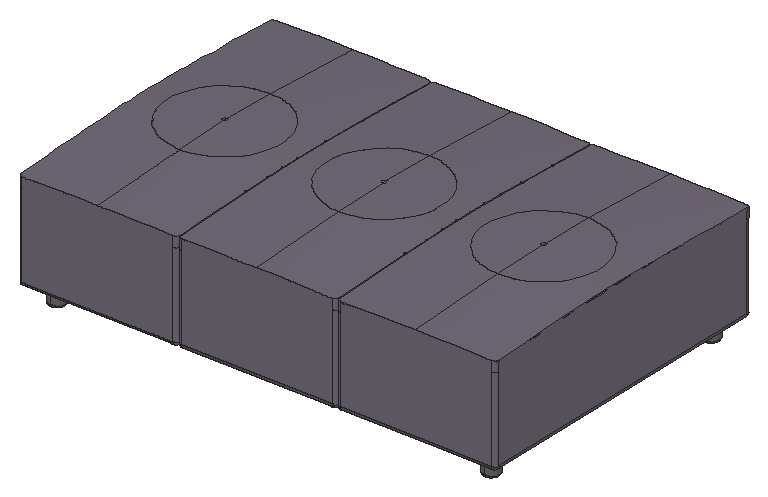
Revit family
Parameters
  Width = 5' - 6"  # constant formula
  URL = "www.coalesse.com"
  Type Comments = "461-3B"
  Model = "Await"
  Manufacturer = "COALESSE"
  Height = 1' - 4 1/2"  # constant formula
  Upholstery = Furniture_Coalesse_Await - Upholstery
  Description = "Await, Three Section Connector Bench"
  Depth = 3' - 8"  # constant formula
  Cost = 2405
  Leg = Furniture_Coalesse_Await - Leg
Reference planes (in)
  plane 1: z = 0
  plane 2 "C (LR)": x = -31.06092
  plane 3 "C (FB)": y = 6.48523
  plane 4: x = -53.06092
  plane 5: x = 12.93908
  plane 6: z = 16.5
  plane 7: y = 28.48523
  plane 8: y = -15.51477
  plane 9: z = 2.5
  plane 10 "LL": x = -50.06092
  plane 11 "RL": x = 9.93908
  plane 12: y = 25.48523
  plane 13: y = -12.51477
  plane 14: x = -9.06092
Dimensions and locks (in)
  equal spacing: plane 8, plane 3 "C (FB)", plane 7
  "Depth": plane 8 to plane 7
  "Width": plane 4 to plane 5
  "Height": plane 6 to level
  locked: plane 4 to plane 10 "LL" at 3
  locked: plane 11 "RL" to plane 5 at 3
  locked: plane 8 to plane 13 at 3
  locked: plane 7 to plane 12 at 3
  locked: plane 9 to level at 2.5
  equal spacing: plane 4, plane 2 "C (LR)", plane 14, plane 5
  aligned and locked: plane 2 "C (LR)" to nested 1
  aligned and locked: plane 8 to nested 1
  aligned and locked: plane 7 to nested 1
  aligned and locked: plane 14 to nested 2
  aligned and locked: plane 7 to nested 2
  aligned and locked: nested 2 to plane 2 "C (LR)"
  aligned and locked: plane 8 to nested 2
  aligned and locked: nested 3 to plane 14
  aligned and locked: plane 8 to nested 3
  aligned and locked: plane 5 to nested 3
  aligned and locked: plane 7 to nested 3
  aligned and locked: plane 4 to nested 1
Nested families (in)
  nested 1: "Coalesse_Await_SeatModule" at (-25.66667, 0, 0), type "Coalesse_Await_SeatModule"
    with Width 1' - 10", RIGHT TWO FEET no, LEFT TWO FEET yes, Height 1' - 4 1/2", Depth 3' - 8"
  nested 2: "Coalesse_Await_SeatModule" at (-3.66667, 0, 0), type "Coalesse_Await_SeatModule"
    with Width 1' - 10", RIGHT TWO FEET no, LEFT TWO FEET no, Height 1' - 4 1/2", Depth 3' - 8"
  nested 3: "Coalesse_Await_SeatModule" at (18.33333, 0, 0), type "Coalesse_Await_SeatModule"
    with Width 1' - 10", RIGHT TWO FEET yes, LEFT TWO FEET no, Height 1' - 4 1/2", Depth 3' - 8"
Definition of nested family "Coalesse_Await_SeatModule"
  Parameters
    Width [instance] = 1' - 10"
    URL = "www.coalesse.com"
    Type Comments = "460-H"
    LEFT TWO FEET [instance] = yes
    RIGHT TWO FEET [instance] = yes
    Model = "Await"
    Manufacturer = "COALESSE"
    Height [instance] = 1' - 4 1/2"
    Upholstery = Furniture_Coalesse_Await - Upholstery
    Description = "Await, Ottoman/Mobile"
    Depth [instance] = 1' - 10"
    Cost = 631
    Leg = Furniture_Coalesse_Await - Leg
  Reference planes (in)
    plane 1: z = 0
    plane 2 "C (LR)": x = -16.39426
    plane 3 "C (FB)": y = 6.48523
    plane 4: x = -27.39426
    plane 5: x = -5.39426
    plane 6: z = 16.5
    plane 7: y = 17.48523
    plane 8: y = -4.51477
    plane 9: z = 2.5
    plane 10 "LL": x = -24.39426
    plane 11 "RL": x = -8.39426
    plane 12: y = 14.48523
    plane 13: y = -1.51477
  Forms (in)
    Revolve 1, solid, material "Furniture_Coalesse_Await - Leg" <- "Leg", visible <- "LEFT TWO FEET"
      sketch origin (-24.39426, 0, 0) x (0, -1, 0) y (0, 0, 1)
        loop
          line (-14.48523, 0) -> (-14.48523, 2.5) -> (-15.61023, 2.5) -> (-15.61023, 0.25)
          arc (-15.61023, 0.25) -> (-15.53701, 0.07322) -> (-15.36023, 0) r 0.25
          line (-15.36023, 0) -> (-14.48523, 0)
        axis (-14.48523, 0) -> (-14.48523, 2.5)
      angle from 0 to 360
    Revolve 2, solid, material "Furniture_Coalesse_Await - Leg" <- "Leg", visible <- "LEFT TWO FEET"
      sketch origin (-24.39426, -24, 0) x (0, -1, 0) y (0, 0, 1)
        loop
          line (-22.48523, 0) -> (-22.48523, 2.5) -> (-23.61023, 2.5) -> (-23.61023, 0.25)
          arc (-23.61023, 0.25) -> (-23.53701, 0.07322) -> (-23.36023, 0) r 0.25
          line (-23.36023, 0) -> (-22.48523, 0)
        axis (-22.48523, 0) -> (-22.48523, 2.5)
      angle from 0 to 360
    Revolve 3, solid, material "Furniture_Coalesse_Await - Leg" <- "Leg", visible <- "RIGHT TWO FEET"
      sketch origin (-8.39426, 17.17438, 48) x (0, -1, 0) y (0, 0, 1)
        loop
          line (18.68915, -48) -> (18.68915, -45.5) -> (17.56415, -45.5) -> (17.56415, -47.75)
          arc (17.56415, -47.75) -> (17.63737, -47.92678) -> (17.81415, -48) r 0.25
          line (17.81415, -48) -> (18.68915, -48)
        axis (18.68915, -48) -> (18.68915, -45.5)
      angle from 0 to 360
    Revolve 4, solid, material "Furniture_Coalesse_Await - Leg" <- "Leg", visible <- "RIGHT TWO FEET"
      sketch origin (-8.39426, 17.17438, 48) x (0, -1, 0) y (0, 0, 1)
        loop
          line (2.68915, -48) -> (2.68915, -45.5) -> (1.56415, -45.5) -> (1.56415, -47.75)
          arc (1.56415, -47.75) -> (1.63737, -47.92678) -> (1.81415, -48) r 0.25
          line (1.81415, -48) -> (2.68915, -48)
        axis (2.68915, -48) -> (2.68915, -45.5)
      angle from 0 to 360
    Extrusion 5, solid, material "Furniture_Coalesse_Await - Upholstery" <- "Upholstery"
      sketch origin (-54.01926, -180, 16.5) x (-1, 0, 0) y (0, -1, 0)
        loop
          arc (-27.1875, -197.48523) -> (-26.78975, -197.32048) -> (-26.625, -196.92273) r 0.5625
          line (-26.625, -196.92273) -> (-26.625, -176.04773)
          arc (-26.625, -176.04773) -> (-26.78975, -175.64998) -> (-27.1875, -175.48523) r 0.5625
          line (-27.1875, -175.48523) -> (-48.0625, -175.48523)
          arc (-48.0625, -175.48523) -> (-48.46025, -175.64998) -> (-48.625, -176.04773) r 0.5625
          line (-48.625, -176.04773) -> (-48.625, -196.92273)
          arc (-48.625, -196.92273) -> (-48.46025, -197.32048) -> (-48.0625, -197.48523) r 0.5625
          line (-48.0625, -197.48523) -> (-27.1875, -197.48523)
      from -14 to -1.00773
    Sweep 6, void
      path origin (-54.01926, -180, 2.5) x (-1, 0, 0) y (0, -1, 0)
        loop
          arc (-27.1875, -197.48523) -> (-26.78975, -197.32048) -> (-26.625, -196.92273) r 0.5625
          line (-26.625, -196.92273) -> (-26.625, -176.04773)
          arc (-26.625, -176.04773) -> (-26.78975, -175.64998) -> (-27.1875, -175.48523) r 0.5625
          line (-27.1875, -175.48523) -> (-48.0625, -175.48523)
          arc (-48.0625, -175.48523) -> (-48.46025, -175.64998) -> (-48.625, -176.04773) r 0.5625
          line (-48.625, -176.04773) -> (-48.625, -196.92273)
          arc (-48.625, -196.92273) -> (-48.46025, -197.32048) -> (-48.0625, -197.48523) r 0.5625
          line (-48.0625, -197.48523) -> (-27.1875, -197.48523)
      profile origin (-16.39426, 17.48523, 2.5) x (0, 1, 0) y (0, 0, 1)
        loop
          arc (-0.5, 0) -> (0.35355, -0.35355) -> (0, 0.5) r 0.5
          arc (0, 0.5) -> (-0.14645, 0.14645) -> (-0.5, 0) r 0.5
    Revolve 7, solid, material "Furniture_Coalesse_Await - Upholstery" <- "Upholstery"
      sketch origin (-16.39426, -11.77926, 47.5) x (0, -1, 0) y (0, 0, 1)
        loop
          line (-44.26449, -31.50773) -> (-44.26449, -32.75773) -> (-18.26449, -32.75773) -> (-18.26449, -30.3605) -> (-18.60323, -30.3605)
          arc (-18.60323, -30.3605) -> (-22.37271, -30.40985) -> (-26.13961, -30.55785) r 144
          line (-26.13961, -30.55785) -> (-44.26449, -31.50773)
        axis (-18.26449, -32.75773) -> (-18.26449, -30.3605)
      angle from 0 to 360
    Extrusion 8, void
      sketch origin (-54.01926, -180, 2.5) x (0, -1, 0) y (-1, 0, 0)
        loop
          line (-197.48523, -27.1875) -> (-197.48523, -48.0625)
          arc (-197.48523, -48.0625) -> (-197.32048, -48.46025) -> (-196.92273, -48.625) r 0.5625
          line (-196.92273, -48.625) -> (-176.04773, -48.625)
          arc (-176.04773, -48.625) -> (-175.64998, -48.46025) -> (-175.48523, -48.0625) r 0.5625
          line (-175.48523, -48.0625) -> (-175.48523, -27.1875)
          arc (-175.48523, -27.1875) -> (-175.64998, -26.78975) -> (-176.04773, -26.625) r 0.5625
          line (-176.04773, -26.625) -> (-196.92273, -26.625)
          arc (-196.92273, -26.625) -> (-197.32048, -26.78975) -> (-197.48523, -27.1875) r 0.5625
        loop
          arc (-233.48523, -48.0625) -> (-222.77632, -73.91609) -> (-196.92273, -84.625) r 36.5625
          line (-196.92273, -84.625) -> (-176.04773, -84.625)
          arc (-176.04773, -84.625) -> (-150.19414, -73.91609) -> (-139.48523, -48.0625) r 36.5625
          line (-139.48523, -48.0625) -> (-139.48523, -27.1875)
          arc (-139.48523, -27.1875) -> (-150.19414, -1.33391) -> (-176.04773, 9.375) r 36.5625
          line (-176.04773, 9.375) -> (-196.92273, 9.375)
          arc (-196.92273, 9.375) -> (-222.77632, -1.33391) -> (-233.48523, -27.1875) r 36.5625
          line (-233.48523, -27.1875) -> (-233.48523, -48.0625)
      from -21.51127 to 2
  Cuts and joins
    Sweep 6, Extrusion 8 cuts Extrusion 5
    Extrusion 8 cuts Revolve 7
    joined: Extrusion 5, Revolve 7
    Sweep 6, Extrusion 8 cuts Revolve 1
    Sweep 6, Extrusion 8 cuts Revolve 2
    Sweep 6, Extrusion 8 cuts Revolve 3
    Sweep 6, Extrusion 8 cuts Revolve 4
  Dimensions and locks (in)
    equal spacing: plane 8, plane 3 "C (FB)", plane 7
    "Depth": plane 8 to plane 7
    equal spacing: plane 4, plane 2 "C (LR)", plane 5
    "Width": plane 4 to plane 5
    "Height": plane 6 to level
    locked: plane 4 to plane 10 "LL" at 3
    locked: plane 11 "RL" to plane 5 at 3
    locked: plane 8 to plane 13 at 3
    locked: plane 7 to plane 12 at 3
    locked: plane 9 to level at 2.5
    locked: Revolve 7 sketch curve to Revolve 7 sketch curve at 26
    radius of Revolve 7 sketch curve = 12' - 0"
    aligned and locked: Revolve 1 sketch curve to plane 12  (x2)
    aligned and locked: Revolve 1 sketch curve to plane 9
    aligned and locked: Revolve 1 sketch curve to level
    aligned and locked: plane 13 to Revolve 2 sketch curve
    aligned and locked: Revolve 2 sketch curve to plane 13
    aligned and locked: Extrusion 5 to plane 9
    aligned and locked: Extrusion 8 sketch curve to cut or joined group of Extrusion 5, Sweep 6, Revolve 7, Extrusion 8  (x4)
  Automatic sketch dimensions
    plane 12 to Revolve 1 sketch curve = 0' - 0 7/8"
    Revolve 1 sketch curve to Revolve 1 sketch curve = 0' - 0 1/4"
    Revolve 1 sketch curve to level = 1' - 0"
    plane 6 to Revolve 1 sketch curve = 6' - 7 1/2"
    Revolve 2 sketch curve to plane 9 = 0' - 0"
    Revolve 2 sketch curve to level = 0' - 0"
    Revolve 2 sketch curve to plane 13 = 0' - 0 7/8"
    Revolve 2 sketch curve to Revolve 2 sketch curve = 0' - 0 1/4"
    Revolve 2 sketch curve to level = 1' - 0"
    plane 6 to Revolve 2 sketch curve = 6' - 7 1/2"
    Revolve 3 sketch curve to plane 9 = 0' - 0"
    Revolve 3 sketch curve to level = 0' - 0"
    Revolve 3 sketch curve to plane 13 = 0' - 0"  (x2)
    Revolve 3 sketch curve to Revolve 3 sketch curve = 0' - 0 7/8"
    Revolve 3 sketch curve to Revolve 3 sketch curve = 0' - 0 1/4"
    level to Revolve 3 sketch curve = 1' - 0"
    Revolve 3 sketch curve to plane 6 = 6' - 7 1/2"
    Revolve 4 sketch curve to plane 9 = 0' - 0"
    Revolve 4 sketch curve to level = 0' - 0"
    Revolve 4 sketch curve to plane 12 = 0' - 0"  (x2)
    Revolve 4 sketch curve to Revolve 4 sketch curve = 0' - 0 7/8"
    Revolve 4 sketch curve to Revolve 4 sketch curve = 0' - 0 1/4"
    level to Revolve 4 sketch curve = 1' - 0"
    Revolve 4 sketch curve to plane 6 = 6' - 7 1/2"
    Extrusion 5 sketch curve to plane 5 = 0' - 0"
    Extrusion 5 sketch curve to plane 8 = 0' - 0"
    Extrusion 5 sketch curve to plane 7 = 0' - 0"
    Extrusion 5 sketch curve to plane 4 = 0' - 0"
    plane 5 to Extrusion 5 sketch curve = 0' - 0 9/16"  (x2)
    plane 4 to Extrusion 5 sketch curve = 0' - 0 9/16"  (x2)
    Sweep 6 sketch curve to plane 9 = 0' - 0"
    Sweep 6 sketch curve to profile plane = 0' - 0"
    profile plane to Sweep 6 sketch curve = 0' - 0 1/2"
    Sweep 6 sketch curve to plane 5 = 0' - 0"
    Sweep 6 sketch curve to plane 8 = 0' - 0"
    Sweep 6 sketch curve to plane 7 = 0' - 0"
    Sweep 6 sketch curve to plane 4 = 0' - 0"
    plane 5 to Sweep 6 sketch curve = 0' - 0 9/16"
    Sweep 6 sketch curve to Sweep 6 sketch curve = 0' - 0 9/16"
    plane 4 to Sweep 6 sketch curve = 0' - 0 9/16"  (x2)
    Extrusion 8 sketch curve to Extrusion 8 sketch curve = 0' - 0"  (x7)
    plane 8 to Extrusion 8 sketch curve = 3' - 0"
    Revolve 7 sketch curve to plane 3 "C (FB)" = 0' - 0"  (x2)
    Revolve 7 sketch curve to plane 3 "C (FB)" = 0' - 0.33874"
    plane 6 to Revolve 7 sketch curve = 0' - 0.44215"
    Revolve 7 sketch curve to Revolve 7 sketch curve = 0' - 7.53638"
    Revolve 7 sketch curve to plane 6 = 0' - 0.50773"
    Revolve 7 sketch curve to plane 6 = 0' - 1.75773"
    Revolve 7 sketch curve to Revolve 7 sketch curve = 0' - 1.74227"
    Revolve 7 sketch curve to Revolve 7 sketch curve = 0' - 1.11727"
